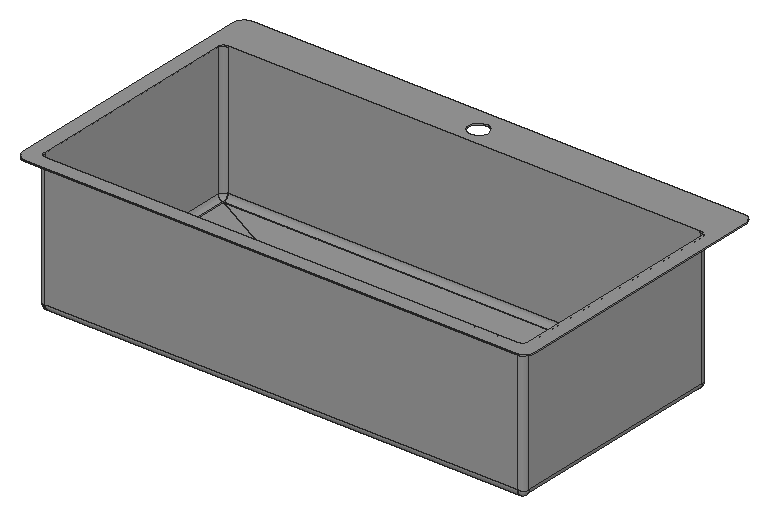
Revit family "BUILDMAT-TLAN017-Mila-900-Tap-Landing-Stainless-Steel", category Plumbing Fixtures, host Face, Revit 2020
Family settings
  Host = Face
  Round Connector Dimension = Use Diameter
  Part Type = Normal
  Cut with Voids When Loaded = No
  Shared = No
  Room Calculation Point = No
Parameters (values of type "Mila 900x500x250mm")
  Width = 850.0 mm
  Undermount [instance] = 0.0 mm
  URL = "https://www.buildmat.com.au/products/mila-900-single-bowl-tap-landing-sink"
  Model = "TLAN017"  # constant formula
  Manufacturer URL = "https://www.buildmat.com.au/"
  Manufacturer = "BUILDMAT"  # constant formula
  Length = 400.0 mm
  Description = "BUILDMAT - Mila 900x500 Single Bowl with Tap Landing Sink"  # constant formula
  Depth = 250.0 mm
  Default Elevation = 1219.2 mm
  Created By URL = "https://www.buildmat.com.au/"
  Created By = "BUILDMAT"  # constant formula
  Created = "22.06.2022"  # constant formula
  Material = BUILDMAT Stainless Steel
Reference planes
  plane 1 "Center (Front/Back)": y = 0
  plane 2: z = 0
  plane 3 "Center (Left/Right)": x = 0
  plane 4 "Top Substrate": z = 0
  plane 5 "Left": x = -425
  plane 6 "Right": x = 425
  plane 7 "Back": y = 200
  plane 8 "Front": y = -200
  plane 9: x = -450
  plane 10: x = 450
  plane 11: y = -225
  plane 12: y = 275
  plane 13 "Bottom Void": z = -250
  plane 14: z = 1.5
  plane 15: x = -426.5
  plane 16: y = -201.5
  plane 17: x = 426.5
  plane 18: y = 201.5
  plane 19: z = -240
  plane 20: z = -230
  plane 21: x = -415
  plane 22: x = 415
  plane 23: y = -190
  plane 24: y = 190
  plane 25: z = -245
  plane 26: z = -241.5
  plane 27: z = -246.5
  plane 28: x = -100
  plane 29: x = 100
  plane 30 "Sound Pad": z = -130
  plane 31 "Front Bracket": y = -100
  plane 32 "Back Bracket": y = 100
  plane 33: x = -325
  plane 34: x = 325
  plane 35: x = -57
  plane 36: x = 57
  plane 37: x = -45
  plane 38: x = 45
  plane 39: y = 232
  plane 40: y = 251.5
  plane 41: x = -438.2
  plane 42: z = -15
  plane 43: x = 438.2
  plane 44: x = -436.7
  plane 45: x = 436.7
Forms (mm)
  Extrusion 1, void
    sketch origin (0, 0, 0) x (1, 0, 0) y (0, 1, 0)
      loop
        arc (-415, 200) -> (-422.071, 197.071) -> (-425, 190) r 10
        line (-425, 190) -> (-425, -190)
        arc (-425, -190) -> (-422.071, -197.071) -> (-415, -200) r 10
        line (-415, -200) -> (415, -200)
        arc (415, -200) -> (422.071, -197.071) -> (425, -190) r 10
        line (425, -190) -> (425, 190)
        arc (425, 190) -> (422.071, 197.071) -> (415, 200) r 10
        line (415, 200) -> (-415, 200)
    from 0 to 1.5
  Extrusion 2, void
    sketch origin (0, 0, 0) x (1, 0, 0) y (0, 1, 0)
      loop
        line (-426.5, 201.5) -> (-426.5, -201.5) -> (426.5, -201.5) -> (426.5, 201.5) -> (-426.5, 201.5)
    from 0 to -250
  Extrusion 3, void
    sketch origin (0, 0, 0) x (1, 0, 0) y (0, 1, 0)
      loop
        arc (-430, 275) -> (-444.142, 269.142) -> (-450, 255) r 20
        line (-450, 255) -> (-450, -205)
        arc (-450, -205) -> (-444.142, -219.142) -> (-430, -225) r 20
        line (-430, -225) -> (430, -225)
        arc (430, -225) -> (444.142, -219.142) -> (450, -205) r 20
        line (450, -205) -> (450, 255)
        arc (450, 255) -> (444.142, 269.142) -> (430, 275) r 20
        line (430, 275) -> (-430, 275)
    from 1.5 to 0
  Extrusion 4, solid, material "BUILDMAT Stainless Steel" <- "Material"
    sketch origin (0, 0, 0) x (-1, 0, 0) y (0, -1, 0)
      loop
        arc (430, -275) -> (444.142, -269.142) -> (450, -255) r 20
        line (450, -255) -> (450, 205)
        arc (450, 205) -> (444.142, 219.142) -> (430, 225) r 20
        line (430, 225) -> (-430, 225)
        arc (-430, 225) -> (-444.142, 219.142) -> (-450, 205) r 20
        line (-450, 205) -> (-450, -255)
        arc (-450, -255) -> (-444.142, -269.142) -> (-430, -275) r 20
        line (-430, -275) -> (430, -275)
      loop
        arc (415, -200) -> (422.071, -197.071) -> (425, -190) r 10
        line (425, -190) -> (425, 190)
        arc (425, 190) -> (422.071, 197.071) -> (415, 200) r 10
        line (415, 200) -> (-415, 200)
        arc (-415, 200) -> (-422.071, 197.071) -> (-425, 190) r 10
        line (-425, 190) -> (-425, -190)
        arc (-425, -190) -> (-422.071, -197.071) -> (-415, -200) r 10
        line (-415, -200) -> (415, -200)
    from 0 to 1.5
  Extrusion 5, solid, material "BUILDMAT Stainless Steel" <- "Material"
    sketch origin (0, 0, 0) x (-1, 0, 0) y (0, -1, 0)
      loop
        arc (415, -201.5) -> (423.132, -198.132) -> (426.5, -190) r 11.5
        line (426.5, -190) -> (426.5, 190)
        arc (426.5, 190) -> (423.132, 198.132) -> (415, 201.5) r 11.5
        line (415, 201.5) -> (-415, 201.5)
        arc (-415, 201.5) -> (-423.132, 198.132) -> (-426.5, 190) r 11.5
        line (-426.5, 190) -> (-426.5, -190)
        arc (-426.5, -190) -> (-423.132, -198.132) -> (-415, -201.5) r 11.5
        line (-415, -201.5) -> (415, -201.5)
      loop
        arc (-415, 200) -> (-422.071, 197.071) -> (-425, 190) r 10
        line (-425, 190) -> (-425, -190)
        arc (-425, -190) -> (-422.071, -197.071) -> (-415, -200) r 10
        line (-415, -200) -> (415, -200)
        arc (415, -200) -> (422.071, -197.071) -> (425, -190) r 10
        line (425, -190) -> (425, 190)
        arc (425, 190) -> (422.071, 197.071) -> (415, 200) r 10
        line (415, 200) -> (-415, 200)
    from 0 to -230
  Revolve 6, solid, material "BUILDMAT Stainless Steel" <- "Material"
    sketch origin (-175.162, 190, 1219.2) x (-1, 0, 0) y (0, 0, 1)
      loop
        line (-600.162, -1449.2) -> (-601.662, -1449.2)
        arc (-601.662, -1449.2) -> (-598.293, -1457.332) -> (-590.162, -1460.7) r 11.5
        line (-590.162, -1460.7) -> (-590.162, -1459.2)
        arc (-590.162, -1459.2) -> (-597.233, -1456.271) -> (-600.162, -1449.2) r 10
      axis (-590.162, -1460.7) -> (-590.162, -1449.2)
    angle from 0 to -90
  Revolve 7, solid, material "BUILDMAT Stainless Steel" <- "Material"
    sketch origin (-175.162, 190, 1219.2) x (-1, 0, 0) y (0, 0, 1)
      loop
        arc (249.838, -1449.2) -> (246.909, -1456.271) -> (239.838, -1459.2) r 10
        line (239.838, -1459.2) -> (239.838, -1460.7)
        arc (239.838, -1460.7) -> (247.97, -1457.332) -> (251.338, -1449.2) r 11.5
        line (251.338, -1449.2) -> (249.838, -1449.2)
      axis (239.838, -1449.2) -> (239.838, -1460.7)
    angle from 0 to -90
  Revolve 8, solid, material "BUILDMAT Stainless Steel" <- "Material"
    sketch origin (-175.162, -190, 1219.2) x (-1, 0, 0) y (0, 0, 1)
      loop
        arc (249.838, -1449.2) -> (246.909, -1456.271) -> (239.838, -1459.2) r 10
        line (239.838, -1459.2) -> (239.838, -1460.7)
        arc (239.838, -1460.7) -> (247.97, -1457.332) -> (251.338, -1449.2) r 11.5
        line (251.338, -1449.2) -> (249.838, -1449.2)
      axis (239.838, -1449.2) -> (239.838, -1460.7)
    angle from 0 to 90
  Revolve 9, solid, material "BUILDMAT Stainless Steel" <- "Material"
    sketch origin (-175.162, -190, 1219.2) x (-1, 0, 0) y (0, 0, 1)
      loop
        line (-600.162, -1449.2) -> (-601.662, -1449.2)
        arc (-601.662, -1449.2) -> (-598.293, -1457.332) -> (-590.162, -1460.7) r 11.5
        line (-590.162, -1460.7) -> (-590.162, -1459.2)
        arc (-590.162, -1459.2) -> (-597.233, -1456.271) -> (-600.162, -1449.2) r 10
      axis (-590.162, -1449.2) -> (-590.162, -1460.7)
    angle from 0 to 90
  Extrusion 10, solid, material "BUILDMAT Stainless Steel" <- "Material"
    sketch origin (0, 0, 0) x (1, 0, 0) y (0, 0, 1)
      loop
        line (-425, -230) -> (-426.5, -230)
        arc (-426.5, -230) -> (-423.132, -238.132) -> (-415, -241.5) r 11.5
        line (-415, -241.5) -> (-415, -240)
        arc (-415, -240) -> (-422.071, -237.071) -> (-425, -230) r 10
    from -190 to 190
  Extrusion 11, solid, material "BUILDMAT Stainless Steel" <- "Material"
    sketch origin (0, 0, 0) x (1, 0, 0) y (0, 0, 1)
      loop
        arc (425, -230) -> (422.071, -237.071) -> (415, -240) r 10
        line (415, -240) -> (415, -241.5)
        arc (415, -241.5) -> (423.132, -238.132) -> (426.5, -230) r 11.5
        line (426.5, -230) -> (425, -230)
    from -190 to 190
  Extrusion 12, solid, material "BUILDMAT Stainless Steel" <- "Material"
    sketch origin (0, 0, 0) x (0, 1, 0) y (0, 0, 1)
      loop
        arc (200, -230) -> (197.071, -237.071) -> (190, -240) r 10
        line (190, -240) -> (190, -241.5)
        arc (190, -241.5) -> (198.132, -238.132) -> (201.5, -230) r 11.5
        line (201.5, -230) -> (200, -230)
    from -415 to 415
  Extrusion 13, solid, material "BUILDMAT Stainless Steel" <- "Material"
    sketch origin (0, 0, 0) x (0, 1, 0) y (0, 0, 1)
      loop
        line (-200, -230) -> (-201.5, -230)
        arc (-201.5, -230) -> (-198.132, -238.132) -> (-190, -241.5) r 11.5
        line (-190, -241.5) -> (-190, -240)
        arc (-190, -240) -> (-197.071, -237.071) -> (-200, -230) r 10
    from -415 to 415
  Revolve 14, solid, material "BUILDMAT Stainless Steel" <- "Material"
    sketch origin (0, 0, 0) x (1, 0, 0) y (0, 0, 1)
      loop
        line (-45, -250) -> (-45, -248.5)
        spline (-45, -248.5) -> (-46.484, -248.459) -> (-47.939, -248.339) -> (-49.337, -248.141) -> (-50.649, -247.871) -> (-51.848, -247.537) -> (-52.908, -247.151) -> (-53.805, -246.726) -> (-54.514, -246.283) -> (-55.023, -245.856) -> (-55.329, -245.483) -> (-55.468, -245.202) -> (-55.5, -245)
        line (-55.5, -245) -> (-57, -245)
        spline (-57, -245) -> (-56.897, -245.653) -> (-56.591, -246.294) -> (-56.087, -246.913) -> (-55.392, -247.5) -> (-54.52, -248.044) -> (-53.485, -248.536) -> (-52.305, -248.967) -> (-51, -249.33) -> (-49.592, -249.619) -> (-48.106, -249.83) -> (-46.566, -249.957) -> (-45, -250)
      axis (0, -245) -> (0, -250)
    angle from 0 to 360
  Blend 15, solid, material "BUILDMAT Stainless Steel" <- "Material"
    base sketch origin (0, 0, 0) x (-1, 0, 0) y (0, -1, 0)
      loop
        circle (0, 0) r 57
    top sketch origin (0, 0, 0) x (-1, 0, 0) y (0, -1, 0)
      loop
        line (415, -190) -> (415, 190) -> (-415, 190) -> (-415, -190) -> (415, -190)
    from -246.5 to -241.5
  Blend 16, void
    base sketch origin (0, 0, 0) x (-1, 0, 0) y (0, -1, 0)
      loop
        circle (0, 0) r 57
    top sketch origin (0, 0, 0) x (-1, 0, 0) y (0, -1, 0)
      loop
        line (415, -190) -> (415, 190) -> (-415, 190) -> (-415, -190) -> (415, -190)
    from -245 to -240
  Extrusion 17, solid, material "BUILDMAT Stainless Steel" <- "Material"
    sketch origin (0, 0, 0) x (-1, 0, 0) y (0, -1, 0)
      loop
        line (415, -190) -> (415, 190) -> (-415, 190) -> (-415, -190) -> (415, -190)
    from -241.5 to -240
  Extrusion 18, void
    sketch origin (0, 0, 0) x (-1, 0, 0) y (0, -1, 0)
      loop
        circle (0, 0) r 57
    from -250 to -230
  Extrusion 19, void
    sketch origin (0, 0, 0) x (-1, 0, 0) y (0, -1, 0)
      loop
        circle (0, -232) r 17.5
    from 0 to 100
Cuts and joins
  Extrusion 19 cuts Extrusion 4
  Extrusion 19 cuts Extrusion 5
  joined: Extrusion 4, Extrusion 5
  joined: Revolve 6, Revolve 9
  joined: Revolve 7, Revolve 8
  Blend 16, Extrusion 18 cuts Blend 15
  Blend 16, Extrusion 18 cuts Extrusion 17
  joined: Blend 15, Extrusion 17
Lines and regions (mm)
  Masking region 1
    outline origin (0, 0, 0) x (1, 0, 0) y (0, 0, 1)
      loop
        line (425, 0) -> (-425, 0) -> (-425, -230)
        arc (-425, -230) -> (-422.071, -237.071) -> (-415, -240) r 10
        line (-415, -240) -> (-57, -245) -> (57, -245) -> (415, -240)
        arc (415, -240) -> (422.071, -237.071) -> (425, -230) r 10
        line (425, -230) -> (425, 0)
  Masking region 2
    outline origin (0, 0, 0) x (1, 0, 0) y (0, 0, 1)
      loop
        line (-100, -245.899) -> (-100, -250) -> (-57, -250) -> (-57, -246.5) -> (-100, -245.899)
  Masking region 3
    outline origin (0, 0, 0) x (1, 0, 0) y (0, 0, 1)
      loop
        line (57, -246.5) -> (57, -250) -> (100, -250) -> (100, -245.899) -> (57, -246.5)
  Masking region 4
    outline origin (0, 0, 0) x (1, 0, 0) y (0, 0, 1)
      loop
        line (-438.2, 0) -> (-438.2, -15) -> (-436.7, -15) -> (-436.7, 0) -> (-438.2, 0)
  Masking region 5
    outline origin (0, 0, 0) x (1, 0, 0) y (0, 0, 1)
      loop
        line (436.7, 0) -> (436.7, -15) -> (438.2, -15) -> (438.2, 0) -> (436.7, 0)
Text (mm)
  text "Refer to www.buildmat.com.au for the most current product literature. \nAllow a +/- 5mm tolerance for dimensions shown in the product literature. \nPlease note product details are subject to change due to ongoing product development." at (0.056, -1035.857, 0), in view "Ref. Level"
Dimensions and locks
  "Undermount": plane 2 to plane 4 "Top Substrate"
  equal spacing: plane 5 "Left", plane 3 "Center (Left/Right)", plane 6 "Right"
  "Width": plane 5 "Left" to plane 6 "Right"
  "Length": plane 7 "Back" to plane 8 "Front"
  equal spacing: plane 7 "Back", plane 1 "Center (Front/Back)", plane 8 "Front"
  locked: plane 12 to plane 7 "Back" at 75
  locked: plane 8 "Front" to plane 11 at 25
  locked: plane 9 to plane 5 "Left" at 25
  locked: plane 6 "Right" to plane 10 at 25
  "Depth": plane 4 "Top Substrate" to plane 13 "Bottom Void"
  locked: plane 14 to plane 4 "Top Substrate" at 1.5
  locked: plane 18 to plane 7 "Back" at 1.5
  locked: plane 8 "Front" to plane 16 at 1.5
  plane 15 to plane 5 "Left" = 1.5 mm
  plane 6 "Right" to plane 17 = 1.5 mm
  plane 20 to plane 19 to plane 13 "Bottom Void" = 10.0 mm, 10.0 mm
  locked: plane 5 "Left" to plane 21 at 10
  locked: plane 22 to plane 6 "Right" at 10
  locked: plane 7 "Back" to plane 24 at 10
  locked: plane 23 to plane 8 "Front" at 10
  locked: plane 19 to plane 26 at 1.5
  locked: plane 25 to plane 13 "Bottom Void" at 5
  locked: plane 25 to plane 27 at 1.5
  plane 29 to plane 3 "Center (Left/Right)" to plane 28 = 100.0 mm locked, 100.0 mm locked
  locked: plane 30 "Sound Pad" to plane 13 "Bottom Void" at 120
  locked: plane 7 "Back" to plane 32 "Back Bracket" at 100
  locked: plane 31 "Front Bracket" to plane 8 "Front" at 100
  locked: plane 33 to plane 5 "Left" at 100
  locked: plane 6 "Right" to plane 34 at 100
  plane 37 to plane 3 "Center (Left/Right)" to plane 38 = 45.0 mm locked, 45.0 mm locked
  plane 35 to plane 3 "Center (Left/Right)" to plane 36 = 57.0 mm locked, 57.0 mm locked
  locked: plane 12 to plane 39 at 43
  locked: plane 40 to plane 18 at 50
  plane 44 to plane 41 to plane 9 = 1.5 mm locked, 11.8 mm locked
  plane 10 to plane 43 to plane 45 = 11.8 mm locked, 1.5 mm locked
  locked: plane 4 "Top Substrate" to plane 42 at 15
  aligned and locked: plane 2 to host face
  aligned and locked: level to host face
  aligned and locked: plane 8 "Front" to Extrusion 1 sketch curve
  aligned and locked: Extrusion 1 sketch curve to plane 7 "Back"
  aligned and locked: plane 5 "Left" to Extrusion 1 sketch curve
  aligned and locked: Extrusion 1 sketch curve to plane 6 "Right"
  aligned and locked: plane 2 to Extrusion 1
  aligned and locked: plane 14 to Extrusion 1
  aligned and locked: Extrusion 2 sketch curve to plane 16
  aligned and locked: Extrusion 2 sketch curve to plane 18
  aligned and locked: plane 15 to Extrusion 2 sketch curve
  aligned and locked: plane 17 to Extrusion 2 sketch curve
  aligned and locked: Extrusion 2 to plane 13 "Bottom Void"
  aligned and locked: plane 4 "Top Substrate" to Extrusion 2
  aligned and locked: Extrusion 3 sketch curve to plane 11
  aligned and locked: plane 9 to Extrusion 3 sketch curve
  aligned and locked: Extrusion 3 sketch curve to plane 10
  aligned and locked: Extrusion 3 sketch curve to plane 12
  aligned and locked: Extrusion 3 to plane 4 "Top Substrate"
  aligned and locked: Extrusion 3 to plane 14
  aligned and locked: Extrusion 4 sketch curve to plane 11
  aligned and locked: Extrusion 4 sketch curve to plane 12
  aligned and locked: plane 9 to Extrusion 4 sketch curve
  aligned and locked: Extrusion 4 sketch curve to plane 10
  aligned and locked: plane 5 "Left" to Extrusion 4 sketch curve
  aligned and locked: Extrusion 4 sketch curve to plane 6 "Right"
  aligned and locked: Extrusion 4 sketch curve to plane 7 "Back"
  aligned and locked: plane 8 "Front" to Extrusion 4 sketch curve
  aligned and locked: Extrusion 5 sketch curve to plane 7 "Back"
  aligned and locked: plane 5 "Left" to Extrusion 5 sketch curve
  aligned and locked: Extrusion 5 sketch curve to plane 6 "Right"
  aligned and locked: plane 8 "Front" to Extrusion 5 sketch curve
  aligned and locked: plane 15 to Extrusion 5 sketch curve
  aligned and locked: Extrusion 5 sketch curve to plane 16
  aligned and locked: plane 17 to Extrusion 5 sketch curve
  aligned and locked: Extrusion 5 sketch curve to plane 18
  aligned and locked: Extrusion 5 to plane 20
  aligned and locked: plane 4 "Top Substrate" to Extrusion 5
  aligned and locked: Extrusion 11 to plane 23
  aligned and locked: plane 24 to Extrusion 11
  aligned and locked: plane 24 to Extrusion 10
  aligned and locked: Extrusion 10 to plane 23
  aligned and locked: Extrusion 13 to plane 21
  aligned and locked: plane 22 to Extrusion 13
  aligned and locked: plane 22 to Extrusion 12
  aligned and locked: Extrusion 12 to plane 21
  aligned and locked: plane 21 to Blend 15 sketch curve
  aligned and locked: Blend 15 sketch curve to plane 22
  aligned and locked: Blend 15 sketch curve to plane 23
  aligned and locked: Blend 15 sketch curve to plane 24
  aligned and locked: plane 27 to Blend 15
  aligned and locked: Blend 15 to plane 26
  aligned and locked: Blend 16 sketch curve to plane 24
  aligned and locked: plane 21 to Blend 16 sketch curve
  aligned and locked: Blend 16 sketch curve to plane 22
  aligned and locked: Blend 16 sketch curve to plane 23
  aligned and locked: Blend 16 to plane 25
  aligned and locked: Blend 16 to plane 19
  aligned and locked: Extrusion 17 sketch curve to plane 24
  aligned and locked: Extrusion 17 sketch curve to plane 23
  aligned and locked: plane 21 to Extrusion 17 sketch curve
  aligned and locked: Extrusion 17 sketch curve to plane 22
  aligned and locked: Extrusion 17 to plane 26
  aligned and locked: Extrusion 17 to plane 19
  aligned and locked: Extrusion 18 to plane 13 "Bottom Void"
  aligned and locked: plane 20 to Extrusion 18
  aligned and locked: cut or joined group of Blend 15, Blend 16, Extrusion 17, Extrusion 18 to Masking region 2 sketch curve
  aligned and locked: Masking region 3 sketch curve to cut or joined group of Blend 15, Blend 16, Extrusion 17, Extrusion 18
  aligned and locked: plane 3 "Center (Left/Right)" to nested 1
  aligned and locked: nested 1 to plane 30 "Sound Pad"
  aligned and locked: plane 31 "Front Bracket" to nested 3
  aligned and locked: plane 15 to nested 3
  aligned and locked: plane 31 "Front Bracket" to nested 5
  aligned and locked: plane 17 to nested 5
  aligned and locked: plane 32 "Back Bracket" to nested 4
  aligned and locked: plane 17 to nested 4
  aligned and locked: plane 32 "Back Bracket" to nested 2
  aligned and locked: plane 15 to nested 2
  aligned and locked: nested 6 to plane 4 "Top Substrate"
  aligned and locked: nested 6 to plane 33
  aligned and locked: nested 7 to plane 4 "Top Substrate"
  aligned and locked: nested 7 to plane 34
  aligned and locked: nested 10 to plane 33
  aligned and locked: nested 11 to plane 34
  aligned and locked: plane 16 to nested 10
  aligned and locked: nested 11 to plane 16
  aligned and locked: plane 33 to nested 8
  aligned and locked: plane 34 to nested 9
  aligned and locked: nested 12 to plane 23
  aligned and locked: nested 12 to plane 24
  aligned and locked: plane 22 to nested 12
  aligned and locked: plane 21 to nested 12
  aligned and locked: plane 3 "Center (Left/Right)" to nested 13
  aligned and locked: plane 1 "Center (Front/Back)" to nested 13
  aligned and locked: plane 4 "Top Substrate" to Masking region 1
  aligned and locked: plane 40 to nested 9
  aligned and locked: nested 8 to plane 40
  aligned and locked: Extrusion 19 to plane 4 "Top Substrate"
  aligned and locked: Masking region 4 sketch curve to plane 4 "Top Substrate"
  aligned and locked: Masking region 4 sketch curve to plane 42
  aligned and locked: Masking region 4 sketch curve to plane 41
  aligned and locked: Masking region 4 sketch curve to plane 44
  aligned and locked: Masking region 5 sketch curve to plane 4 "Top Substrate"
  aligned and locked: plane 42 to Masking region 5 sketch curve
  aligned and locked: Masking region 5 sketch curve to plane 43
  aligned and locked: Masking region 5 sketch curve to plane 45
Automatic sketch dimensions
  host sketch curve to host sketch curve = 2438.4 mm  (x2)
  plane 5 "Left" to Extrusion 1 sketch curve = 10.0 mm  (x2)
  Extrusion 1 sketch curve to plane 6 "Right" = 10.0 mm  (x2)
  Extrusion 4 sketch curve to plane 10 = 20.0 mm  (x2)
  Extrusion 4 sketch curve to Extrusion 4 sketch curve = 10.0 mm  (x2)
  plane 5 "Left" to Extrusion 4 sketch curve = 10.0 mm
  plane 9 to Extrusion 4 sketch curve = 20.0 mm
  plane 8 "Front" to Extrusion 4 sketch curve = 10.0 mm
  plane 11 to Extrusion 4 sketch curve = 20.0 mm
  Extrusion 3 sketch curve to plane 5 "Left" = 5.0 mm
  plane 6 "Right" to Extrusion 3 sketch curve = 5.0 mm  (x2)
  plane 7 "Back" to Extrusion 3 sketch curve = 55.0 mm
  plane 5 "Left" to Extrusion 5 sketch curve = 10.0 mm
  Extrusion 5 sketch curve to plane 6 "Right" = 10.0 mm
  plane 8 "Front" to Extrusion 5 sketch curve = 10.0 mm
  Extrusion 5 sketch curve to plane 7 "Back" = 10.0 mm
  Extrusion 5 sketch curve to Extrusion 5 sketch curve = 0.0 mm  (x4)
  Revolve 6 sketch curve to Revolve 6 sketch curve = 0.0 mm  (x3)
  plane 17 to Revolve 6 sketch curve = 0.0 mm
  Revolve 6 sketch curve to plane 6 "Right" = 0.0 mm
  Revolve 6 sketch curve to plane 22 = 0.0 mm  (x2)
  Revolve 6 sketch curve to plane 19 = 0.0 mm
  Revolve 6 sketch curve to plane 20 = 0.0 mm
  Revolve 7 sketch curve to Revolve 7 sketch curve = 0.0 mm  (x3)
  Revolve 7 sketch curve to plane 20 = 0.0 mm  (x2)
  Revolve 7 sketch curve to plane 21 = 0.0 mm  (x2)
  Revolve 7 sketch curve to plane 5 "Left" = 0.0 mm
  Revolve 7 sketch curve to plane 15 = 0.0 mm
  Revolve 8 sketch curve to Revolve 8 sketch curve = 0.0 mm  (x3)
  Revolve 8 sketch curve to plane 20 = 0.0 mm  (x2)
  Revolve 8 sketch curve to plane 21 = 0.0 mm  (x2)
  Revolve 8 sketch curve to plane 5 "Left" = 0.0 mm
  Revolve 8 sketch curve to plane 15 = 0.0 mm
  Revolve 9 sketch curve to Revolve 9 sketch curve = 0.0 mm  (x3)
  plane 17 to Revolve 9 sketch curve = 0.0 mm
  Revolve 9 sketch curve to plane 6 "Right" = 0.0 mm
  Revolve 9 sketch curve to plane 22 = 0.0 mm  (x2)
  Revolve 9 sketch curve to plane 20 = 0.0 mm
  Revolve 9 sketch curve to plane 19 = 0.0 mm
  Extrusion 10 sketch curve to plane 15 = 0.0 mm
  Extrusion 10 sketch curve to plane 5 "Left" = 0.0 mm
  Extrusion 10 sketch curve to plane 19 = 0.0 mm
  Extrusion 10 sketch curve to plane 21 = 0.0 mm
  Extrusion 11 sketch curve to plane 20 = 0.0 mm
  Extrusion 11 sketch curve to plane 22 = 0.0 mm
  Extrusion 11 sketch curve to plane 6 "Right" = 0.0 mm
  plane 17 to Extrusion 11 sketch curve = 0.0 mm
  Extrusion 12 sketch curve to plane 20 = 0.0 mm
  Extrusion 12 sketch curve to plane 24 = 0.0 mm
  Extrusion 12 sketch curve to plane 7 "Back" = 0.0 mm
  Extrusion 12 sketch curve to plane 18 = 0.0 mm
  Extrusion 13 sketch curve to plane 16 = 0.0 mm
  Extrusion 13 sketch curve to plane 8 "Front" = 0.0 mm
  Extrusion 13 sketch curve to plane 23 = 0.0 mm
  Extrusion 13 sketch curve to plane 19 = 0.0 mm
  Revolve 14 sketch curve to plane 25 = 0.0 mm
  Revolve 14 sketch curve to plane 13 "Bottom Void" = 0.0 mm  (x2)
  Revolve 14 sketch curve to plane 3 "Center (Left/Right)" = 0.0 mm
  Revolve 14 sketch curve to plane 20 = 0.0 mm
  Revolve 14 sketch curve to plane 3 "Center (Left/Right)" = 45.0 mm
  Revolve 14 sketch curve to Revolve 14 sketch curve = 10.5 mm
  Revolve 14 sketch curve to Revolve 14 sketch curve = 1.5 mm  (x2)
  Revolve 14 sketch curve to Revolve 14 sketch curve = 0.0 mm
  plane 1 "Center (Front/Back)" to Blend 15 sketch curve = 0.0 mm
  Blend 15 sketch curve to plane 3 "Center (Left/Right)" = 0.0 mm
  plane 1 "Center (Front/Back)" to Blend 16 sketch curve = 0.0 mm
  Blend 16 sketch curve to plane 3 "Center (Left/Right)" = 0.0 mm
  plane 1 "Center (Front/Back)" to Extrusion 18 sketch curve = 0.0 mm
  Extrusion 18 sketch curve to plane 3 "Center (Left/Right)" = 0.0 mm
  Masking region 1 sketch curve to level = 0.0 mm
  Masking region 1 sketch curve to plane 20 = 0.0 mm
  Masking region 1 sketch curve to plane 21 = 0.0 mm
  Masking region 1 sketch curve to plane 25 = 0.0 mm
  Masking region 1 sketch curve to plane 3 "Center (Left/Right)" = 57.0 mm
  plane 3 "Center (Left/Right)" to Masking region 1 sketch curve = 57.0 mm
  Masking region 1 sketch curve to plane 19 = 0.0 mm
  Masking region 1 sketch curve to plane 22 = 0.0 mm
  Masking region 1 sketch curve to plane 6 "Right" = 0.0 mm
  Masking region 1 sketch curve to plane 5 "Left" = 0.0 mm
  Masking region 2 sketch curve to plane 28 = 0.0 mm
  Masking region 2 sketch curve to plane 13 "Bottom Void" = 0.0 mm
  Masking region 2 sketch curve to plane 27 = 0.0 mm
  Masking region 3 sketch curve to plane 27 = 0.0 mm
  Masking region 3 sketch curve to plane 13 "Bottom Void" = 0.0 mm
  Masking region 3 sketch curve to plane 29 = 0.0 mm
  Extrusion 19 sketch curve to plane 3 "Center (Left/Right)" = 0.0 mm
  Extrusion 19 sketch curve to plane 39 = 0.0 mm
  radius of Blend 15 sketch curve = 57.0 mm
  radius of Blend 16 sketch curve = 57.0 mm
  radius of Extrusion 18 sketch curve = 57.0 mm
  radius of Extrusion 19 sketch curve = 17.5 mm
Nested families
  nested 1: "SP_Front" at (0, 0, -130) x (1, 0, 0) z (0, -1, 0), type "SP_Front", not visible
  nested 2: "TMB_Plan" at (-426.5, 100, 0) x (0, 1, 0) z (0, 0, 1), type "TMB_Plan"
  nested 3: "TMB_Plan" at (-426.5, -100, 0) x (0, 1, 0) z (0, 0, 1), type "TMB_Plan"
  nested 4: "TMB_Plan" at (426.5, 100, 0) x (0, -1, 0) z (0, 0, 1), type "TMB_Plan"
  nested 5: "TMB_Plan" at (426.5, -100, 0) x (0, -1, 0) z (0, 0, 1), type "TMB_Plan"
  nested 6: "TMB_Front" at (-325, 0, 0) x (1, 0, 0) z (0, -1, 0), type "TMB_Front"
  nested 7: "TMB_Front" at (325, 0, 0) x (1, 0, 0) z (0, -1, 0), type "TMB_Front"
  nested 8: "TMB_Plan" at (-325, 251.5, 0), type "TMB_Plan"
  nested 9: "TMB_Plan" at (325, 251.5, 0), type "TMB_Plan"
  nested 10: "TMB_Plan" at (-325, -201.5, 0) x (-1, 0, 0) z (0, 0, 1), type "TMB_Plan"
  nested 11: "TMB_Plan" at (325, -201.5, 0) x (-1, 0, 0) z (0, 0, 1), type "TMB_Plan"
  nested 12: "BOWL Plan" at (0, 0, -130), type "BOWL Plan"
    with Width 830.0 mm, Lenght 380.0 mm
  nested 13: "DRAIN" at (0, 0, 0), type "DRAIN"
Definition of nested family "SP_Front"
  Reference planes
    plane 1 "Center (Elevation)": y = 0
    plane 2: z = 0
    plane 3 "Center (Left/Right)": x = 0
  Lines and regions (mm)
    Masking region 1, in view "Ref. Level"
      outline origin (0, 0, 0) x (1, 0, 0) y (0, 1, 0)
        loop
          arc (-50, 40) -> (-57.071, 37.071) -> (-60, 30) r 10
          line (-60, 30) -> (-60, -30)
          arc (-60, -30) -> (-57.071, -37.071) -> (-50, -40) r 10
          line (-50, -40) -> (50, -40)
          arc (50, -40) -> (57.071, -37.071) -> (60, -30) r 10
          line (60, -30) -> (60, 30)
          arc (60, 30) -> (57.071, 37.071) -> (50, 40) r 10
          line (50, 40) -> (-50, 40)
    detail lines, in view "Ref. Level"
      curve 1: line (-50, 40, 0) -> (50, 40, 0)
      curve 2: line (50, -40, 0) -> (-50, -40, 0)
      curve 3: line (60, 30, 0) -> (60, -30, 0)
      curve 4: line (-60, 30, 0) -> (-60, -30, 0)
      curve 5: arc (-50, 40, 0) -> (-57.071, 37.071, 0) -> (-60, 30, 0) r 10
      curve 6: arc (-60, -30, 0) -> (-57.071, -37.071, 0) -> (-50, -40, 0) r 10
      curve 7: arc (50, -40, 0) -> (57.071, -37.071, 0) -> (60, -30, 0) r 10
      curve 8: arc (60, 30, 0) -> (57.071, 37.071, 0) -> (50, 40, 0) r 10
  Dimensions and locks
    aligned and locked: Masking region 1 sketch curve to curve 1
    aligned and locked: Masking region 1 sketch curve to curve 4
    aligned and locked: Masking region 1 sketch curve to curve 2
    aligned and locked: Masking region 1 sketch curve to curve 3
Definition of nested family "TMB_Plan"
  Reference planes
    plane 1 "Center (Front/Back)": y = 0
    plane 2: z = 0
    plane 3 "Center (Left/Right)": x = 0
  Lines and regions (mm)
    detail lines, in view "Ref. Level"
      curve 1: line (-17.5, 0, 0) -> (17.5, 0, 0)
      curve 2: line (17.5, 0, 0) -> (17.5, 5, 0)
      curve 3: line (17.5, 5, 0) -> (12.5, 5, 0)
      curve 4: line (-17.5, 0, 0) -> (-17.5, 5, 0)
      curve 5: line (-17.5, 5, 0) -> (-12.5, 5, 0)
Definition of nested family "TMB_Front"
  Reference planes
    plane 1 "Center (Elevation)": y = 0
    plane 2: z = 0
    plane 3 "Center (Left/Right)": x = 0
  Lines and regions (mm)
    Masking region 1, in view "Ref. Level"
      outline origin (0, 0, 0) x (1, 0, 0) y (0, 1, 0)
        loop
          line (-17.5, 0) -> (-17.5, -80) -> (17.5, -80) -> (17.5, 0) -> (-17.5, 0)
    detail lines, in view "Ref. Level"
      curve 1: line (-17.5, 0, 0) -> (-17.5, -80, 0)
      curve 2: line (-17.5, -80, 0) -> (17.5, -80, 0)
      curve 3: line (17.5, -80, 0) -> (17.5, 0, 0)
      curve 4: line (-12.5, -50, 0) -> (12.5, -50, 0)
      curve 5: line (-12.5, -75, 0) -> (-12.5, -50, 0)
      curve 6: line (12.5, -75, 0) -> (-12.5, -75, 0)
      curve 7: line (12.5, -50, 0) -> (12.5, -75, 0)
Definition of nested family "BOWL Plan"
  Parameters (values of type "BOWL Plan")
    Width [instance] = 600.0 mm
    Lenght [instance] = 400.0 mm
  Reference planes
    plane 1 "Center (Front/Back)": y = 0
    plane 2: z = 0
    plane 3 "Center (Left/Right)": x = 0
    plane 4 "Left": x = -300
    plane 5 "Right": x = 300
    plane 6 "Back": y = 200
    plane 7 "Front": y = -200
  Lines and regions (mm)
    Masking region 1, in view "Ref. Level"
      outline origin (0, 0, 0) x (1, 0, 0) y (0, 1, 0)
        loop
          line (-300, 200) -> (-300, -200) -> (300, -200) -> (300, 200) -> (-300, 200)
    detail lines, in view "Ref. Level"
      curve 1: line (-300, 200, 0) -> (300, -200, 0)
      curve 2: line (-300, -200, 0) -> (300, 200, 0)
  Dimensions and locks
    equal spacing: plane 6 "Back", plane 1 "Center (Front/Back)", plane 7 "Front"
    "Lenght": plane 6 "Back" to plane 7 "Front"
    equal spacing: plane 4 "Left", plane 3 "Center (Left/Right)", plane 5 "Right"
    "Width": plane 4 "Left" to plane 5 "Right"
    aligned and locked: plane 4 "Left" to Masking region 1 sketch curve
    aligned and locked: Masking region 1 sketch curve to plane 5 "Right"
    aligned and locked: plane 7 "Front" to Masking region 1 sketch curve
    aligned and locked: Masking region 1 sketch curve to plane 6 "Back"
  Automatic sketch dimensions
    curve 2 to plane 4 "Left" = 0.0 mm
    curve 1 to plane 4 "Left" = 0.0 mm
    curve 2 to plane 5 "Right" = 0.0 mm
    curve 1 to plane 5 "Right" = 0.0 mm
    curve 1 to plane 7 "Front" = 0.0 mm
    curve 2 to plane 7 "Front" = 0.0 mm
    curve 2 to plane 6 "Back" = 0.0 mm
    curve 1 to plane 6 "Back" = 0.0 mm
Definition of nested family "DRAIN"
  Reference planes
    plane 1 "Center (Front/Back)": y = 0
    plane 2: z = 0
    plane 3 "Center (Left/Right)": x = 0
  Lines and regions (mm)
    Masking region 1, in view "Ref. Level"
      outline origin (0, 0, 0) x (1, 0, 0) y (0, 1, 0)
        loop
          circle (0, 0) r 57
    detail lines, in view "Ref. Level"
      curve 1: circle (0, 0, 0) r 45 normal (0, 0, 1)
      curve 2: circle (0, 0, 0) r 55.5 normal (0, 0, 1)
